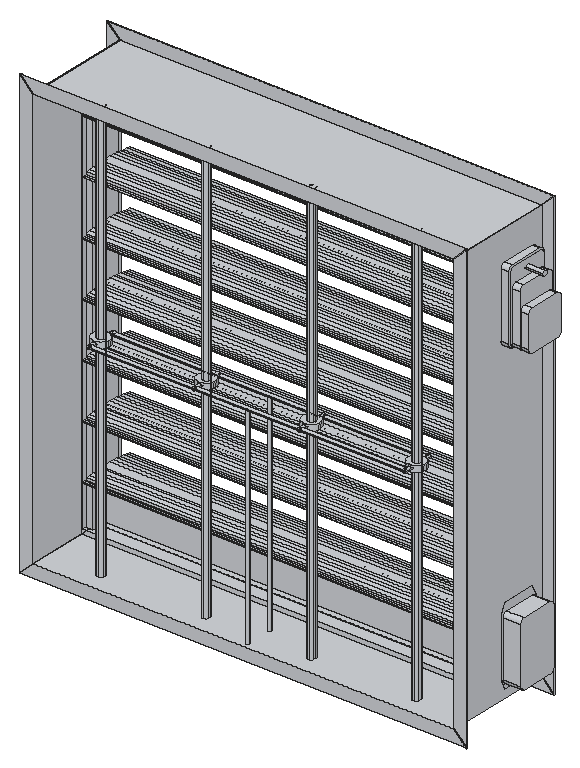
Revit family "X-11", category Mechanical Equipment, Revit 2015 (continued)
Definition of nested family "2 Tubes"
  Definition of nested family "Vertical Tubes"
    Automatic sketch dimensions
      Extrusion 3 sketch curve to plane 3 "Center (Left/Right)" = 0' - 0"
      Extrusion 3 sketch curve to plane 4 = 0' - 0"
      Extrusion 4 sketch curve to plane 3 "Center (Left/Right)" = 0' - 0"
      Extrusion 4 sketch curve to plane 4 = 0' - 0"
      radius of Extrusion 3 sketch curve = 0' - 0 3/16"
      radius of Extrusion 4 sketch curve = 0' - 0 3/16"
Definition of nested family "3 Tubes"
  Parameters (values of type "3 Tubes")
    Tube Width = 2' - 6"
    Tube Height = 2' - 0"
    Tube End [instance] = Tube Width / 6  # 0' - 5"
  Reference planes (in)
    plane 1 "Center (Front/Back)": y = 0
    plane 2: z = 0
    plane 3 "Center (Left/Right)": x = 0
    plane 4: x = -15
    plane 5: x = 15
    plane 6: z = 24
    plane 7: x = -10
    plane 8: x = 10
    plane 9: z = 12
  Forms (in)
    Extrusion 1, solid
      sketch origin (0, 0.1875, 0) x (0, 1, 0) y (0, 0, 1)
        loop
          circle (-1.73894, 12) r 0.1875
      from -10 to 10
    Extrusion 2, solid
      sketch origin (0, -0.1875, 0) x (0, -1, 0) y (0, 0, -1)
        loop
          circle (-1.73894, -12) r 0.1875
      from -10 to 10
  Dimensions and locks (in)
    equal spacing: plane 4, plane 3 "Center (Left/Right)", plane 5
    "Tube Width": plane 4 to plane 5
    "Tube Height": plane 6 to level
    "Tube End": plane 4 to plane 7
    "Tube End": plane 8 to plane 5
    equal spacing: plane 6, plane 9, level
    aligned and locked: level to plane 2
    aligned and locked: plane 1 "Center (Front/Back)" to nested 1
    aligned and locked: nested 1 to plane 8
    aligned and locked: nested 3 to plane 7
    aligned and locked: plane 3 "Center (Left/Right)" to nested 2
    aligned and locked: Extrusion 1 to plane 8
    aligned and locked: plane 7 to Extrusion 1
    aligned and locked: Extrusion 2 to plane 8
    aligned and locked: plane 7 to Extrusion 2
  Automatic sketch dimensions
    Extrusion 1 sketch curve to plane 9 = 0' - 0"
    plane 1 "Center (Front/Back)" to Extrusion 1 sketch curve = 0' - 1.55144"
    Extrusion 2 sketch curve to plane 9 = 0' - 0"
    plane 1 "Center (Front/Back)" to Extrusion 2 sketch curve = 0' - 1.55144"
    radius of Extrusion 1 sketch curve = 0' - 0 3/16"
    radius of Extrusion 2 sketch curve = 0' - 0 3/16"
  Nested families (in)
    nested 1: "Vertical Tubes" at (10, 0, 0), type "Vertical Tubes"
      with Tube Height 2' - 0"
    nested 2: "Vertical Tubes" at (0, 0, 0), type "Vertical Tubes"
      with Tube Height 2' - 0"
    nested 3: "Vertical Tubes" at (-10, 0, 0), type "Vertical Tubes"
      with Tube Height 2' - 0"
  Definition of nested family "Vertical Tubes"
    Parameters (values of type "Vertical Tubes")
      Tube Height = 3' - 0"
    Reference planes (in)
      plane 1 "Center (Front/Back)": y = 0
      plane 2: z = 0
      plane 3 "Center (Left/Right)": x = 0
      plane 4: z = 18
      plane 5: z = 36
      plane 6: z = 17.6875
      plane 7: z = 18.3125
      plane 8: y = -1.73894
      plane 9: y = -0.74581
    Forms (in)
      Extrusion 1, solid
        sketch origin (0, 0, 0) x (1, 0, 0) y (0, 1, 0)
          loop
            arc (-0.40507, -0.1653) -> (-0.28804, -0.3293) -> (-0.10992, -0.42347) r 0.4375
            line (-0.10992, -0.42347) -> (0.10992, -0.42347)
            arc (0.10992, -0.42347) -> (0.28804, -0.3293) -> (0.40507, -0.1653) r 0.4375
            line (0.40507, -0.1653) -> (0.40507, 0.1653)
            arc (0.40507, 0.1653) -> (0.28804, 0.3293) -> (0.10992, 0.42347) r 0.4375
            line (0.10992, 0.42347) -> (-0.10992, 0.42347)
            arc (-0.10992, 0.42347) -> (-0.28804, 0.3293) -> (-0.40507, 0.1653) r 0.4375
            line (-0.40507, 0.1653) -> (-0.40507, -0.1653)
        from 0 to 36
      Extrusion 2, solid
        sketch origin (-4.5, 0, 0) x (1, 0, 0) y (0, 1, 0)
          loop
            arc (4.64833, -0.98894) -> (5.20195, -0.71223) -> (5.48668, -0.16268) r 1
            line (5.48668, -0.16268) -> (5.48668, 0.16268)
            arc (5.48668, 0.16268) -> (5.20195, 0.71223) -> (4.64833, 0.98894) r 1
            line (4.64833, 0.98894) -> (4.35167, 0.98894)
            arc (4.35167, 0.98894) -> (3.79805, 0.71223) -> (3.51332, 0.16268) r 1
            line (3.51332, 0.16268) -> (3.51332, -0.16268)
            arc (3.51332, -0.16268) -> (3.79805, -0.71223) -> (4.35167, -0.98894) r 1
            line (4.35167, -0.98894) -> (4.64833, -0.98894)
          loop
            arc (4.39008, 0.42347) -> (4.21196, 0.3293) -> (4.09493, 0.1653) r 0.4375
            line (4.09493, 0.1653) -> (4.09493, -0.1653)
            arc (4.09493, -0.1653) -> (4.21196, -0.3293) -> (4.39008, -0.42347) r 0.4375
            line (4.39008, -0.42347) -> (4.60992, -0.42347)
            arc (4.60992, -0.42347) -> (4.78804, -0.3293) -> (4.90507, -0.1653) r 0.4375
            line (4.90507, -0.1653) -> (4.90507, 0.1653)
            arc (4.90507, 0.1653) -> (4.78804, 0.3293) -> (4.60992, 0.42347) r 0.4375
            line (4.60992, 0.42347) -> (4.39008, 0.42347)
        from 17.6875 to 18.3125
      Extrusion 3, solid
        sketch origin (0, 0, 0) x (1, 0, 0) y (0, 0, 1)
          loop
            circle (0, 18) r 0.1875
        from 0.74581 to 1.73894
      Extrusion 4, solid
        sketch origin (0, 0, 0) x (1, 0, 0) y (0, 0, -1)
          loop
            circle (0, -18) r 0.1875
        from 0.74581 to 1.73894
    Lines and regions (in)
      model lines
        curve 1: line (-0.40507, -0.1653, 0) -> (-0.40507, 0.1653, 0)
        curve 2: line (-0.10992, 0.42347, 0) -> (0.10992, 0.42347, 0)
        curve 3: line (0.40507, -0.1653, 0) -> (0.40507, 0.1653, 0)
        curve 4: line (-0.10992, -0.42347, 0) -> (0.10992, -0.42347, 0)
        curve 5: arc (-0.40507, -0.1653, 0) -> (-0.28804, -0.3293, 0) -> (-0.10992, -0.42347, 0) r 0.4375
        curve 6: arc (0.10992, -0.42347, 0) -> (0.28804, -0.3293, 0) -> (0.40507, -0.1653, 0) r 0.4375
        curve 7: arc (-0.40507, 0.1653, 0) -> (-0.28804, 0.3293, 0) -> (-0.10992, 0.42347, 0) r 0.4375
        curve 8: arc (0.10992, 0.42347, 0) -> (0.28804, 0.3293, 0) -> (0.40507, 0.1653, 0) r 0.4375
    Dimensions and locks (in)
      equal spacing: plane 5, plane 4, level
      "Tube Height": plane 5 to level
      locked: plane 4 to plane 6 at 0.3125
      locked: plane 7 to plane 4 at 0.3125
      locked: plane 1 "Center (Front/Back)" to plane 9 at 0.74581
      locked: plane 9 to plane 8 at 0.99313
      aligned and locked: level to plane 2
      aligned and locked: plane 5 to Extrusion 1
      aligned and locked: plane 7 to Extrusion 2
      aligned and locked: plane 6 to Extrusion 2
      aligned and locked: Extrusion 3 to plane 8
      aligned and locked: plane 9 to Extrusion 3
    Automatic sketch dimensions
      curve 5 to curve 6 = 0' - 0"  (x2)
      curve 5 to curve 7 = 0' - 0"  (x2)
      curve 5 to curve 8 = 0' - 0"  (x2)
      curve 6 to curve 7 = 0' - 0"  (x2)
      curve 6 to curve 8 = 0' - 0"  (x2)
      curve 7 to curve 8 = 0' - 0"  (x2)
      plane 1 "Center (Front/Back)" to curve 5 = 0' - 0"
      curve 5 to plane 3 "Center (Left/Right)" = 0' - 0"
      curve 2 to plane 3 "Center (Left/Right)" = 0' - 0.10992"
      curve 4 to plane 3 "Center (Left/Right)" = 0' - 0.10992"
      plane 1 "Center (Front/Back)" to curve 1 = 0' - 0.1653"
      curve 1 to curve 5 = 0' - 0.29515"
      plane 3 "Center (Left/Right)" to curve 4 = 0' - 0.10992"
      plane 3 "Center (Left/Right)" to curve 2 = 0' - 0.10992"
      plane 1 "Center (Front/Back)" to curve 3 = 0' - 0.1653"
      curve 1 to plane 1 "Center (Front/Back)" = 0' - 0.1653"
      Extrusion 1 sketch curve to Extrusion 1 sketch curve = 0' - 0"  (x12)
      plane 1 "Center (Front/Back)" to Extrusion 1 sketch curve = 0' - 0"
      Extrusion 1 sketch curve to plane 3 "Center (Left/Right)" = 0' - 0"
      Extrusion 1 sketch curve to plane 3 "Center (Left/Right)" = 0' - 0.10992"  (x2)
      plane 1 "Center (Front/Back)" to Extrusion 1 sketch curve = 0' - 0.1653"
      Extrusion 1 sketch curve to Extrusion 1 sketch curve = 0' - 0.29515"  (x2)
      plane 3 "Center (Left/Right)" to Extrusion 1 sketch curve = 0' - 0.10992"  (x2)
      Extrusion 1 sketch curve to plane 1 "Center (Front/Back)" = 0' - 0.1653"
      Extrusion 2 sketch curve to Extrusion 2 sketch curve = 0' - 0"  (x56)
      plane 1 "Center (Front/Back)" to Extrusion 2 sketch curve = 0' - 0"
      Extrusion 2 sketch curve to plane 3 "Center (Left/Right)" = 0' - 0"
      Extrusion 2 sketch curve to plane 3 "Center (Left/Right)" = 0' - 0.10992"  (x2)
      Extrusion 2 sketch curve to plane 3 "Center (Left/Right)" = 0' - 0.14833"  (x2)
      Extrusion 2 sketch curve to plane 1 "Center (Front/Back)" = 0' - 0.1653"  (x2)
      Extrusion 2 sketch curve to Extrusion 2 sketch curve = 0' - 0.29515"
      Extrusion 2 sketch curve to plane 1 "Center (Front/Back)" = 0' - 0.16268"
      Extrusion 2 sketch curve to Extrusion 2 sketch curve = 0' - 0.58161"  (x2)
      plane 3 "Center (Left/Right)" to Extrusion 2 sketch curve = 0' - 0.10992"  (x2)
      plane 3 "Center (Left/Right)" to Extrusion 2 sketch curve = 0' - 0.14833"  (x2)
      plane 1 "Center (Front/Back)" to Extrusion 2 sketch curve = 0' - 0.16268"
      plane 1 "Center (Front/Back)" to Extrusion 2 sketch curve = 0' - 0.42347"
      Extrusion 3 sketch curve to plane 3 "Center (Left/Right)" = 0' - 0"
      Extrusion 3 sketch curve to plane 4 = 0' - 0"
      Extrusion 4 sketch curve to plane 3 "Center (Left/Right)" = 0' - 0"
      Extrusion 4 sketch curve to plane 4 = 0' - 0"
      radius of Extrusion 3 sketch curve = 0' - 0 3/16"
      radius of Extrusion 4 sketch curve = 0' - 0 3/16"
Definition of nested family "4 Tubes"
  Parameters (values of type "4 Tubes")
    Tube Width = 4' - 6"
    Tube Middle [instance] = Tube Width / 4  # 1' - 1 1/2"
    Tube Height = 3' - 0"
    Tube End [instance] = Tube Width / 8  # 0' - 6 3/4"
  Reference planes (in)
    plane 1 "Center (Front/Back)": y = 0
    plane 2: z = 0
    plane 3 "Center (Left/Right)": x = 0
    plane 4: x = -27
    plane 5: x = 27
    plane 6: z = 36
    plane 7: x = -20.25
    plane 8: x = 20.25
    plane 9: x = -6.75
    plane 10: x = 6.75
    plane 11: z = 18
  Forms (in)
    Extrusion 1, solid
      sketch origin (0, 0.1875, 0) x (0, 1, 0) y (0, 0, 1)
        loop
          circle (-1.73894, 18) r 0.1875
      from -20.25 to 20.25
    Extrusion 2, solid
      sketch origin (0, -0.1875, 0) x (0, -1, 0) y (0, 0, -1)
        loop
          circle (-1.73894, -18) r 0.1875
      from -20.25 to 20.25
  Dimensions and locks (in)
    equal spacing: plane 4, plane 3 "Center (Left/Right)", plane 5
    "Tube Width": plane 4 to plane 5
    "Tube Height": plane 6 to level
    "Tube End": plane 4 to plane 7
    "Tube End": plane 8 to plane 5
    "Tube Middle": plane 7 to plane 9
    "Tube Middle": plane 10 to plane 8
    equal spacing: plane 6, plane 11, level
    aligned and locked: level to plane 2
    aligned and locked: plane 1 "Center (Front/Back)" to nested 1
    aligned and locked: plane 8 to nested 1
    aligned and locked: nested 4 to plane 7
    aligned and locked: nested 3 to plane 9
    aligned and locked: plane 10 to nested 2
    aligned and locked: plane 8 to Extrusion 1
    aligned and locked: plane 7 to Extrusion 1
    aligned and locked: plane 7 to Extrusion 2
    aligned and locked: plane 8 to Extrusion 2
  Automatic sketch dimensions
    Extrusion 1 sketch curve to plane 11 = 0' - 0"
    plane 1 "Center (Front/Back)" to Extrusion 1 sketch curve = 0' - 1.55144"
    Extrusion 2 sketch curve to plane 11 = 0' - 0"
    plane 1 "Center (Front/Back)" to Extrusion 2 sketch curve = 0' - 1.55144"
    radius of Extrusion 1 sketch curve = 0' - 0 3/16"
    radius of Extrusion 2 sketch curve = 0' - 0 3/16"
  Nested families (in)
    nested 1: "Vertical Tubes" at (20.25, 0, 0), type "Vertical Tubes"
    nested 2: "Vertical Tubes" at (6.75, 0, 0), type "Vertical Tubes"
    nested 3: "Vertical Tubes" at (-6.75, 0, 0), type "Vertical Tubes"
    nested 4: "Vertical Tubes" at (-20.25, 0, 0), type "Vertical Tubes"
  Definition of nested family "Vertical Tubes"
    Parameters (values of type "Vertical Tubes")
      Tube Height = 3' - 0"
    Reference planes (in)
      plane 1 "Center (Front/Back)": y = 0
      plane 2: z = 0
      plane 3 "Center (Left/Right)": x = 0
      plane 4: z = 18
      plane 5: z = 36
      plane 6: z = 17.6875
      plane 7: z = 18.3125
      plane 8: y = -1.73894
      plane 9: y = -0.74581
    Forms (in)
      Extrusion 1, solid
        sketch origin (0, 0, 0) x (1, 0, 0) y (0, 1, 0)
          loop
            arc (-0.40507, -0.1653) -> (-0.28804, -0.3293) -> (-0.10992, -0.42347) r 0.4375
            line (-0.10992, -0.42347) -> (0.10992, -0.42347)
            arc (0.10992, -0.42347) -> (0.28804, -0.3293) -> (0.40507, -0.1653) r 0.4375
            line (0.40507, -0.1653) -> (0.40507, 0.1653)
            arc (0.40507, 0.1653) -> (0.28804, 0.3293) -> (0.10992, 0.42347) r 0.4375
            line (0.10992, 0.42347) -> (-0.10992, 0.42347)
            arc (-0.10992, 0.42347) -> (-0.28804, 0.3293) -> (-0.40507, 0.1653) r 0.4375
            line (-0.40507, 0.1653) -> (-0.40507, -0.1653)
        from 0 to 36
      Extrusion 2, solid
        sketch origin (-4.5, 0, 0) x (1, 0, 0) y (0, 1, 0)
          loop
            arc (4.64833, -0.98894) -> (5.20195, -0.71223) -> (5.48668, -0.16268) r 1
            line (5.48668, -0.16268) -> (5.48668, 0.16268)
            arc (5.48668, 0.16268) -> (5.20195, 0.71223) -> (4.64833, 0.98894) r 1
            line (4.64833, 0.98894) -> (4.35167, 0.98894)
            arc (4.35167, 0.98894) -> (3.79805, 0.71223) -> (3.51332, 0.16268) r 1
            line (3.51332, 0.16268) -> (3.51332, -0.16268)
            arc (3.51332, -0.16268) -> (3.79805, -0.71223) -> (4.35167, -0.98894) r 1
            line (4.35167, -0.98894) -> (4.64833, -0.98894)
          loop
            arc (4.39008, 0.42347) -> (4.21196, 0.3293) -> (4.09493, 0.1653) r 0.4375
            line (4.09493, 0.1653) -> (4.09493, -0.1653)
            arc (4.09493, -0.1653) -> (4.21196, -0.3293) -> (4.39008, -0.42347) r 0.4375
            line (4.39008, -0.42347) -> (4.60992, -0.42347)
            arc (4.60992, -0.42347) -> (4.78804, -0.3293) -> (4.90507, -0.1653) r 0.4375
            line (4.90507, -0.1653) -> (4.90507, 0.1653)
            arc (4.90507, 0.1653) -> (4.78804, 0.3293) -> (4.60992, 0.42347) r 0.4375
            line (4.60992, 0.42347) -> (4.39008, 0.42347)
        from 17.6875 to 18.3125
      Extrusion 3, solid
        sketch origin (0, 0, 0) x (1, 0, 0) y (0, 0, 1)
          loop
            circle (0, 18) r 0.1875
        from 0.74581 to 1.73894
      Extrusion 4, solid
        sketch origin (0, 0, 0) x (1, 0, 0) y (0, 0, -1)
          loop
            circle (0, -18) r 0.1875
        from 0.74581 to 1.73894
    Lines and regions (in)
      model lines
        curve 1: line (-0.40507, -0.1653, 0) -> (-0.40507, 0.1653, 0)
        curve 2: line (-0.10992, 0.42347, 0) -> (0.10992, 0.42347, 0)
        curve 3: line (0.40507, -0.1653, 0) -> (0.40507, 0.1653, 0)
        curve 4: line (-0.10992, -0.42347, 0) -> (0.10992, -0.42347, 0)
        curve 5: arc (-0.40507, -0.1653, 0) -> (-0.28804, -0.3293, 0) -> (-0.10992, -0.42347, 0) r 0.4375
        curve 6: arc (0.10992, -0.42347, 0) -> (0.28804, -0.3293, 0) -> (0.40507, -0.1653, 0) r 0.4375
        curve 7: arc (-0.40507, 0.1653, 0) -> (-0.28804, 0.3293, 0) -> (-0.10992, 0.42347, 0) r 0.4375
        curve 8: arc (0.10992, 0.42347, 0) -> (0.28804, 0.3293, 0) -> (0.40507, 0.1653, 0) r 0.4375
    Dimensions and locks (in)
      equal spacing: plane 5, plane 4, level
      "Tube Height": plane 5 to level
      locked: plane 4 to plane 6 at 0.3125
      locked: plane 7 to plane 4 at 0.3125
      locked: plane 1 "Center (Front/Back)" to plane 9 at 0.74581
      locked: plane 9 to plane 8 at 0.99313
      aligned and locked: level to plane 2
      aligned and locked: plane 5 to Extrusion 1
      aligned and locked: plane 7 to Extrusion 2
      aligned and locked: plane 6 to Extrusion 2
      aligned and locked: Extrusion 3 to plane 8
      aligned and locked: plane 9 to Extrusion 3
    Automatic sketch dimensions
      curve 5 to curve 6 = 0' - 0"  (x2)
      curve 5 to curve 7 = 0' - 0"  (x2)
      curve 5 to curve 8 = 0' - 0"  (x2)
      curve 6 to curve 7 = 0' - 0"  (x2)
      curve 6 to curve 8 = 0' - 0"  (x2)
      curve 7 to curve 8 = 0' - 0"  (x2)
      plane 1 "Center (Front/Back)" to curve 5 = 0' - 0"
      curve 5 to plane 3 "Center (Left/Right)" = 0' - 0"
      curve 2 to plane 3 "Center (Left/Right)" = 0' - 0.10992"
      curve 4 to plane 3 "Center (Left/Right)" = 0' - 0.10992"
      plane 1 "Center (Front/Back)" to curve 1 = 0' - 0.1653"
      curve 1 to curve 5 = 0' - 0.29515"
      plane 3 "Center (Left/Right)" to curve 4 = 0' - 0.10992"
      plane 3 "Center (Left/Right)" to curve 2 = 0' - 0.10992"
      plane 1 "Center (Front/Back)" to curve 3 = 0' - 0.1653"
      curve 1 to plane 1 "Center (Front/Back)" = 0' - 0.1653"
      Extrusion 1 sketch curve to Extrusion 1 sketch curve = 0' - 0"  (x12)
      plane 1 "Center (Front/Back)" to Extrusion 1 sketch curve = 0' - 0"
      Extrusion 1 sketch curve to plane 3 "Center (Left/Right)" = 0' - 0"
      Extrusion 1 sketch curve to plane 3 "Center (Left/Right)" = 0' - 0.10992"  (x2)
      plane 1 "Center (Front/Back)" to Extrusion 1 sketch curve = 0' - 0.1653"
      Extrusion 1 sketch curve to Extrusion 1 sketch curve = 0' - 0.29515"  (x2)
      plane 3 "Center (Left/Right)" to Extrusion 1 sketch curve = 0' - 0.10992"  (x2)
      Extrusion 1 sketch curve to plane 1 "Center (Front/Back)" = 0' - 0.1653"
      Extrusion 2 sketch curve to Extrusion 2 sketch curve = 0' - 0"  (x56)
      plane 1 "Center (Front/Back)" to Extrusion 2 sketch curve = 0' - 0"
      Extrusion 2 sketch curve to plane 3 "Center (Left/Right)" = 0' - 0"
      Extrusion 2 sketch curve to plane 3 "Center (Left/Right)" = 0' - 0.10992"  (x2)
      Extrusion 2 sketch curve to plane 3 "Center (Left/Right)" = 0' - 0.14833"  (x2)
      Extrusion 2 sketch curve to plane 1 "Center (Front/Back)" = 0' - 0.1653"  (x2)
      Extrusion 2 sketch curve to Extrusion 2 sketch curve = 0' - 0.29515"
      Extrusion 2 sketch curve to plane 1 "Center (Front/Back)" = 0' - 0.16268"
      Extrusion 2 sketch curve to Extrusion 2 sketch curve = 0' - 0.58161"  (x2)
      plane 3 "Center (Left/Right)" to Extrusion 2 sketch curve = 0' - 0.10992"  (x2)
      plane 3 "Center (Left/Right)" to Extrusion 2 sketch curve = 0' - 0.14833"  (x2)
      plane 1 "Center (Front/Back)" to Extrusion 2 sketch curve = 0' - 0.16268"
      plane 1 "Center (Front/Back)" to Extrusion 2 sketch curve = 0' - 0.42347"
      Extrusion 3 sketch curve to plane 3 "Center (Left/Right)" = 0' - 0"
      Extrusion 3 sketch curve to plane 4 = 0' - 0"
      Extrusion 4 sketch curve to plane 3 "Center (Left/Right)" = 0' - 0"
      Extrusion 4 sketch curve to plane 4 = 0' - 0"
      radius of Extrusion 3 sketch curve = 0' - 0 3/16"
      radius of Extrusion 4 sketch curve = 0' - 0 3/16"
